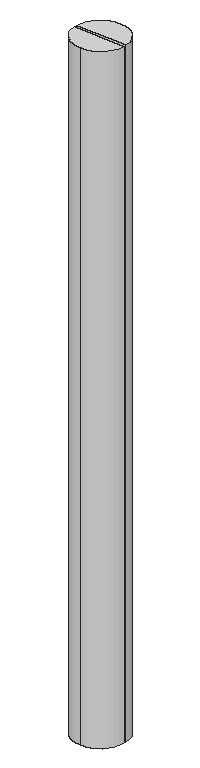
Revit family "Pilar_Con_Circular_Junta", category Structural Columns, Revit 2020
Family settings
  Display in Hidden Views = Edges Hidden by Other Members
  Section Shape = Not Defined
  Material for Model Behavior = Concrete
  Always export as geometry = No
  Beam cutback in plan = From geometry
  OmniClass Number = 23.25.30.11.14.11
  OmniClass Title = Columns
  Cut with Voids When Loaded = No
  Symbolic Representation = From Family
  Shared = No
  Show family pre-cut in plan views = Yes
Parameters (values of type "PIL_040_BLC_CON_CIR_JDI")
  Structural Material [instance] = CT_Asfaltos
  Raio_Coluna = 200 mm
  Deslocamento_Eixo_Vertical [instance] = 0 mm
  Deslocamento_Eixo_Horiz [instance] = 0 mm
  Concreto_Capitel = CT_Concreto
Types (2): name
  PIL_040_BLC_CON_CIR_JDI
  PIL_075_BLC_CON_CIR_JDI
Reference planes
  plane 1 "Center (Front/Back)": y = 0
  plane 2: z = 0
  plane 3 "Center (Left/Right)": x = 0
  plane 4: y = 0
  plane 5: x = 0
  plane 6: y = 10
  plane 7: y = -10
Forms (mm)
  Extrusion 1, solid, material "CT_Asfaltos" <- "Structural Material"
    sketch origin (0, 0, 0) x (1, 0, 0) y (0, 1, 0)
      loop
        arc (0, 200) -> (-137.84, 144.914) -> (-199.75, 10) r 200
        line (-199.75, 10) -> (199.75, 10)
        arc (199.75, 10) -> (137.84, 144.914) -> (0, 200) r 200
      loop
        arc (-199.75, -10) -> (-137.84, -144.914) -> (0, -200) r 200
        arc (0, -200) -> (137.84, -144.914) -> (199.75, -10) r 200
        line (199.75, -10) -> (-199.75, -10)
    from 0 to 5000
Dimensions and locks
  "Deslocamento_Eixo_Horiz": plane 1 "Center (Front/Back)" to plane 4
  "Deslocamento_Eixo_Vertical": plane 3 "Center (Left/Right)" to plane 5
  equal spacing: plane 6, plane 1 "Center (Front/Back)", plane 7
  "Raio_Coluna": radius of Extrusion 1 sketch curve  (x2)
  aligned and locked: level to plane 2
  aligned and locked: Extrusion 1 to plane 2
  aligned and locked: plane 5 to Extrusion 1 sketch curve  (x2)
  aligned and locked: level to Extrusion 1
  aligned and locked: Extrusion 1 to level
  aligned and locked: plane 7 to Extrusion 1 sketch curve  (x2)
  aligned and locked: plane 6 to Extrusion 1 sketch curve  (x2)
Automatic sketch dimensions
  Extrusion 1 sketch curve to Extrusion 1 sketch curve = 0 mm  (x3)
  plane 1 "Center (Front/Back)" to Extrusion 1 sketch curve = 0 mm
